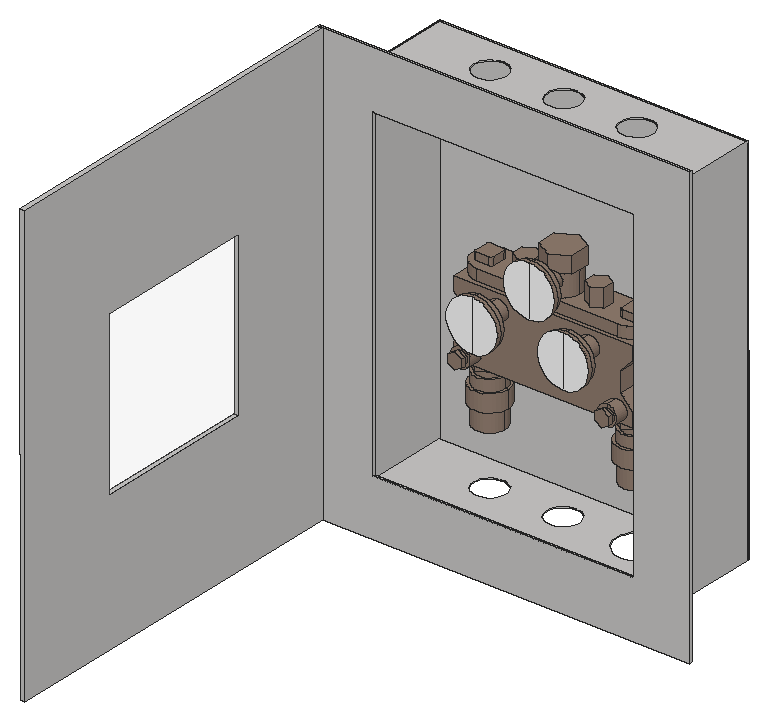
Revit family "Emergency_Valve-Tepid-SV160", category Pipe Accessories, Revit 2016
Family settings
  Part Type = Valve - Breaks Into
  Round Connector Dimension = Use Radius
  OmniClass Number = 23.65.55.14.17
  OmniClass Title = Adjusting/Controlling Valves for Liquid Services
  Work Plane-Based = No
  Always vertical = Yes
  Cut with Voids When Loaded = No
  Shared = No
Parameters (values of type "PIPED VALVE-BOT, ROUGH BRASS, REC CAB SS - CABINET RECESSED - STAINLESS STEEL")
  Version = "2016-v1.0a"  # constant formula
  Valve Material = Metal - Stingray - Rough Bronze
  URL = "https://www.tepid.com"
  Temp. Range = "70°F-90°F"  # constant formula
  TC = no
  RO [instance] = if(and(Cabinet Recessed, Open), 1 = 1, 1 = 0)  # yes
  RC [instance] = if(and(Cabinet Recessed, not(Open)), 1 = 1, 1 = 0)  # no
  Product Page URL = "https://www.tepid.com/products/sv160rb/?k"
  Product Name = "ThermostaticMixing Valve"
  Product Documentation Link = "https://www.tepid.com/wp-content/uploads/SpSh-SV160.pdf"
  Option = 3
  Open [instance] = yes
  Nominal Radius = 5/8"  # constant formula
  Nominal Diameter = Nominal Radius * 2  # 1 1/4"
  Model = "SV-160 PIPED VALVE-BOT, ROUGH BRASS, REC CAB SS - CABINET RECESSED - STAINLESS STEEL"
  Manufacturer = "Stingray Systems"  # constant formula
  K Coefficient = 3.5
  Flow Maximum = 72 GPM  # constant formula
  Flow = 4 GPM  # constant formula
  EO [instance] = if(and(Cabinet Exposed, Open), 1 = 1, 1 = 0)  # no
  EC [instance] = if(and(Cabinet Exposed, not(Open)), 1 = 1, 1 = 0)  # no
  Dimension Disclaimer = "Dimensions are ±0.50”. Design and specifications are subject to change without notice."  # constant formula
  Description = "Emergency Mixing Valve"
  Cabinet Recessed = if(Option = 1, 1 = 0, if(Option = 2, 1 = 0, if(Option = 3, 1 = 1, 1 = 0)))  # yes
  Cabinet Material = Metal - Stingray - Stainless Steel SS
  Cabinet Exposed = if(Option = 1, 1 = 0, if(Option = 2, 1 = 1, if(Option = 3, 1 = 0, 1 = 0)))  # no
  CC = if(or(Cabinet Exposed, Cabinet Recessed), 1 = 1, 1 = 0)  # yes
  C Length = if(TC, 1' 3 7/16", 0' 3 3/32")  # 0' - 3 3/32"
  Body Length = 0' - 11"
  BC = yes
Types (20): name | Valve Material | TC | RO | Option | Model | EO | Cabinet Recessed | Cabinet Material | Cabinet Exposed | CC | C Length | BC
  PIPED VALVE-TOP, ROUGH BRASS | Metal - Stingray - Rough Bronze | yes | no | 1 | "SV-160 PIPED VALVE-TOP, ROUGH BRASS" | no | no | Paint - Stingray - Baked White Enamel | no | no | 1' - 3 7/16" | no
  PIPED VALVE-TOP, CHROME PLATED | Metal - Stingray - Chrome Plated | yes | no | 1 | "SV-160 PIPED VALVE-TOP, CHROME PLATED" | no | no | Paint - Stingray - Baked White Enamel | no | no | 1' - 3 7/16" | no
  PIPED VALVE-BOT, ROUGH BRASS | Metal - Stingray - Rough Bronze | no | no | 1 | "SV-160 PIPED VALVE-BOT, ROUGH BRASS" | no | no | Paint - Stingray - Baked White Enamel | no | no | 0' - 3 3/32" | yes
  PIPED VALVE-BOT, CHROME PLATED | Metal - Stingray - Chrome Plated | no | no | 1 | "SV-160 PIPED VALVE-BOT, CHROME PLATED" | no | no | Paint - Stingray - Baked White Enamel | no | no | 0' - 3 3/32" | yes
  PIPED VALVE-TOP, ROUGH BRASS, EXP CAB BWE - CABINET EXPOSED - BAKED WHITE ENAMEL | Metal - Stingray - Rough Bronze | yes | no | 2 | "SV-160 PIPED VALVE-TOP, ROUGH BRASS, EXP CAB BWE - CABINET EXPOSED - BAKED WHITE ENAMEL" | yes | no | Paint - Stingray - Baked White Enamel | yes | yes | 1' - 3 7/16" | no
  PIPED VALVE-TOP, CHROME PLATED, EXP CAB BWE - CABINET EXPOSED - BAKED WHITE ENAMEL | Metal - Stingray - Chrome Plated | yes | no | 2 | "SV-160 PIPED VALVE-TOP, CHROME PLATED, EXP CAB BWE - CABINET EXPOSED - BAKED WHITE ENAMEL" | yes | no | Paint - Stingray - Baked White Enamel | yes | yes | 1' - 3 7/16" | no
  PIPED VALVE-BOT, ROUGH BRASS, EXP CAB BWE - CABINET EXPOSED - BAKED WHITE ENAMEL | Metal - Stingray - Rough Bronze | no | no | 2 | "SV-160 PIPED VALVE-BOT, ROUGH BRASS, EXP CAB BWE - CABINET EXPOSED - BAKED WHITE ENAMEL" | yes | no | Paint - Stingray - Baked White Enamel | yes | yes | 0' - 3 3/32" | yes
  PIPED VALVE-BOT, CHROME PLATED, EXP CAB BWE - CABINET EXPOSED - BAKED WHITE ENAMEL | Metal - Stingray - Chrome Plated | no | no | 2 | "SV-160 PIPED VALVE-BOT, CHROME PLATED, EXP CAB BWE - CABINET EXPOSED - BAKED WHITE ENAMEL" | yes | no | Paint - Stingray - Baked White Enamel | yes | yes | 0' - 3 3/32" | yes
  PIPED VALVE-TOP, ROUGH BRASS, EXP CAB SS - CABINET EXPOSED - STAINLESS STEEL | Metal - Stingray - Rough Bronze | yes | no | 2 | "SV-160 PIPED VALVE-TOP, ROUGH BRASS, EXP CAB SS - CABINET EXPOSED - STAINLESS STEEL" | yes | no | Metal - Stingray - Stainless Steel SS | yes | yes | 1' - 3 7/16" | no
  PIPED VALVE-TOP, CHROME PLATED, EXP CAB SS - CABINET EXPOSED - STAINLESS STEEL | Metal - Stingray - Chrome Plated | yes | no | 2 | "SV-160 PIPED VALVE-TOP, CHROME PLATED, EXP CAB SS - CABINET EXPOSED - STAINLESS STEEL" | yes | no | Metal - Stingray - Stainless Steel SS | yes | yes | 1' - 3 7/16" | no
  PIPED VALVE-BOT, ROUGH BRASS, EXP CAB SS - CABINET EXPOSED - STAINLESS STEEL | Metal - Stingray - Rough Bronze | no | no | 2 | "SV-160 PIPED VALVE-BOT, ROUGH BRASS, EXP CAB SS - CABINET EXPOSED - STAINLESS STEEL" | yes | no | Metal - Stingray - Stainless Steel SS | yes | yes | 0' - 3 3/32" | yes
  PIPED VALVE-BOT, CHROME PLATED, EXP CAB SS - CABINET EXPOSED - STAINLESS STEEL | Metal - Stingray - Chrome Plated | no | no | 2 | "SV-160 PIPED VALVE-BOT, CHROME PLATED, EXP CAB SS - CABINET EXPOSED - STAINLESS STEEL" | yes | no | Metal - Stingray - Stainless Steel SS | yes | yes | 0' - 3 3/32" | yes
  PIPED VALVE-TOP, ROUGH BRASS, REC CAB BWE - CABINET RECESSED - BAKED WHITE ENAMEL | Metal - Stingray - Rough Bronze | yes | yes | 3 | "SV-160 PIPED VALVE-TOP, ROUGH BRASS, REC CAB BWE - CABINET RECESSED - BAKED WHITE ENAMEL" | no | yes | Paint - Stingray - Baked White Enamel | no | yes | 1' - 3 7/16" | no
  PIPED VALVE-TOP, CHROME PLATED, REC CAB BWE - CABINET RECESSED - BAKED WHITE ENAMEL | Metal - Stingray - Chrome Plated | yes | yes | 3 | "SV-160 PIPED VALVE-TOP, CHROME PLATED, REC CAB BWE - CABINET RECESSED - BAKED WHITE ENAMEL" | no | yes | Paint - Stingray - Baked White Enamel | no | yes | 1' - 3 7/16" | no
  PIPED VALVE-BOT, ROUGH BRASS, REC CAB BWE - CABINET RECESSED - BAKED WHITE ENAMEL | Metal - Stingray - Rough Bronze | no | yes | 3 | "SV-160 PIPED VALVE-BOT, ROUGH BRASS, REC CAB BWE - CABINET RECESSED - BAKED WHITE ENAMEL" | no | yes | Paint - Stingray - Baked White Enamel | no | yes | 0' - 3 3/32" | yes
  PIPED VALVE-BOT, CHROME PLATED, REC CAB BWE - CABINET RECESSED - BAKED WHITE ENAMEL | Metal - Stingray - Chrome Plated | no | yes | 3 | "SV-160 PIPED VALVE-BOT, CHROME PLATED, REC CAB BWE - CABINET RECESSED - BAKED WHITE ENAMEL" | no | yes | Paint - Stingray - Baked White Enamel | no | yes | 0' - 3 3/32" | yes
  PIPED VALVE-TOP, ROUGH BRASS, REC CAB SS - CABINET RECESSED - STAINLESS STEEL | Metal - Stingray - Rough Bronze | yes | yes | 3 | "SV-160 PIPED VALVE-TOP, ROUGH BRASS, REC CAB SS - CABINET RECESSED - STAINLESS STEEL" | no | yes | Metal - Stingray - Stainless Steel SS | no | yes | 1' - 3 7/16" | no
  PIPED VALVE-TOP, CHROME PLATED, REC CAB SS - CABINET RECESSED - STAINLESS STEEL | Metal - Stingray - Chrome Plated | yes | yes | 3 | "SV-160 PIPED VALVE-TOP, CHROME PLATED, REC CAB SS - CABINET RECESSED - STAINLESS STEEL" | no | yes | Metal - Stingray - Stainless Steel SS | no | yes | 1' - 3 7/16" | no
  PIPED VALVE-BOT, ROUGH BRASS, REC CAB SS - CABINET RECESSED - STAINLESS STEEL | Metal - Stingray - Rough Bronze | no | yes | 3 | "SV-160 PIPED VALVE-BOT, ROUGH BRASS, REC CAB SS - CABINET RECESSED - STAINLESS STEEL" | no | yes | Metal - Stingray - Stainless Steel SS | no | yes | 0' - 3 3/32" | yes
  PIPED VALVE-BOT, CHROME PLATED, REC CAB SS - CABINET RECESSED - STAINLESS STEEL | Metal - Stingray - Chrome Plated | no | yes | 3 | "SV-160 PIPED VALVE-BOT, CHROME PLATED, REC CAB SS - CABINET RECESSED - STAINLESS STEEL" | no | yes | Metal - Stingray - Stainless Steel SS | no | yes | 0' - 3 3/32" | yes
Reference planes (in)
  plane 1 "Center (Front/Back)": y = 0
  plane 2: z = 0
  plane 3 "Center (Left/Right)": x = 0
  plane 4: x = -5.5
  plane 5: x = 5.5
  plane 6: z = 11.151
  plane 7: x = -4.50039
  plane 8: x = 4.49961
  plane 9: z = 3.41
  plane 10: z = 9.91
  plane 11: z = 6.81625
  plane 12: z = -5.849
Forms (in)
  Revolve 1, solid, material "Metal - Stingray - Rough Bronze" <- "Valve Material", visible <- "TC", detail levels fine
    sketch origin (0, 0, 0) x (1, 0, 0) y (0, 0, 1)
      loop
        line (-4.50039, 9.5891) -> (-5.45037, 9.5891) -> (-5.45037, 8.3542) -> (-5.66442, 8.3542) -> (-5.66442, 7.3091) -> (-5.47561, 7.3091) -> (-5.47561, 6.6341) -> (-5.28855, 6.6341) -> (-5.28855, 6.0641) -> (-4.50039, 6.0641) -> (-4.50039, 9.5891)
      axis (-4.50039, 6.0641) -> (-4.50039, 9.5891)
    angle from 0 to 360
  Extrusion 2, solid, material "Metal - Stingray - Rough Bronze" <- "Valve Material", detail levels fine
    sketch origin (0, 0, 0) x (1, 0, 0) y (0, 0, 1)
      loop
        line (4.42461, 3.7341) -> (5.29922, 3.7341)
        arc (5.29922, 3.7341) -> (5.44119, 3.79291) -> (5.5, 3.93488) r 0.20078
        line (5.5, 3.93488) -> (5.5, 4.83488) -> (4.42461, 3.7341)
      loop
        line (5.29922, 3.1341) -> (4.42461, 3.1341) -> (5.5, 2.03332) -> (5.5, 2.93332)
        arc (5.5, 2.93332) -> (5.44119, 3.07529) -> (5.29922, 3.1341) r 0.20078
    from -0.125 to 0.125
  Extrusion 3, solid, material "Metal - Stingray - Rough Bronze" <- "Valve Material", detail levels fine
    sketch origin (0.30961, 0, 6.33449) x (0, 0, 1) y (-1, 0, 0)
      loop
        line (-4.24636, 5.25) -> (-4.75442, 5.25) -> (-5.00846, 4.81) -> (-4.75442, 4.37) -> (-4.24636, 4.37) -> (-3.99232, 4.81) -> (-4.24636, 5.25)
    from 2.44225 to 2.65987
  Revolve 4, solid, material "Metal - Stingray - Rough Bronze" <- "Valve Material", detail levels fine
    sketch origin (-0.00315, -0.2525, -1.29075) x (0, 1, 0) y (0, 0, 1)
      loop
        line (-2.35, 8.51546) -> (-0.49729, 8.51546) -> (-0.49729, 9.12389) -> (-1.24729, 9.12389) -> (-1.24729, 8.93656) -> (-1.50987, 8.93656) -> (-1.50987, 9.03146) -> (-1.76, 9.03146) -> (-1.76, 9.9803) -> (-2.13, 9.9803) -> (-2.13, 10.09003) -> (-2.35, 10.09003) -> (-2.35, 8.51546)
      axis (-0.49729, 8.51546) -> (-2.35, 8.51546)
    angle from 0 to 360
  Extrusion 5, solid, material "Metal - Stingray - Rough Bronze" <- "Valve Material", detail levels fine
    sketch origin (9.30961, 0, 6.33449) x (0, 0, 1) y (-1, 0, 0)
      loop
        line (-4.24636, 5.25) -> (-4.75442, 5.25) -> (-5.00846, 4.81) -> (-4.75442, 4.37) -> (-4.24636, 4.37) -> (-3.99232, 4.81) -> (-4.24636, 5.25)
    from 2.44225 to 2.65987
  Revolve 6, solid, material "Metal - Stingray - Rough Bronze" <- "Valve Material", detail levels fine
    sketch origin (-2.80031, -1.15, -3.77593) x (0, 1, 0) y (0, 0, 1)
      loop
        line (-2.35, 8.51546) -> (-0.0646, 8.51546) -> (-0.0646, 9.12389) -> (-1.24729, 9.12389) -> (-1.24729, 8.93656) -> (-1.50987, 8.93656) -> (-1.50987, 9.03146) -> (-1.76, 9.03146) -> (-1.76, 9.9803) -> (-2.13, 9.9803) -> (-2.13, 10.09003) -> (-2.35, 10.09003) -> (-2.35, 8.51546)
      axis (-0.0646, 8.51546) -> (-2.35, 8.51546)
    angle from 0 to 360
  Revolve 7, solid, material "Metal - Stingray - Rough Bronze" <- "Valve Material", detail levels fine
    sketch origin (2.80087, -1.15, -3.77593) x (0, 1, 0) y (0, 0, 1)
      loop
        line (-2.35, 8.51546) -> (-0.0646, 8.51546) -> (-0.0646, 9.12389) -> (-1.24729, 9.12389) -> (-1.24729, 8.93656) -> (-1.50987, 8.93656) -> (-1.50987, 9.03146) -> (-1.76, 9.03146) -> (-1.76, 9.9803) -> (-2.13, 9.9803) -> (-2.13, 10.09003) -> (-2.35, 10.09003) -> (-2.35, 8.51546)
      axis (-0.0646, 8.51546) -> (-2.35, 8.51546)
    angle from 0 to 360
  Revolve 8, solid, material "Metal - Stingray - Rough Bronze" <- "Valve Material", visible <- "TC", detail levels fine
    sketch origin (0, 0, 0) x (-1, 0, 0) y (0, 0, 1)
      loop
        line (-4.50039, 9.5891) -> (-5.45037, 9.5891) -> (-5.45037, 8.3542) -> (-5.66442, 8.3542) -> (-5.66442, 7.3091) -> (-5.47561, 7.3091) -> (-5.47561, 6.6341) -> (-5.28855, 6.6341) -> (-5.28855, 6.0641) -> (-4.50039, 6.0641) -> (-4.50039, 9.5891)
      axis (-4.50039, 6.0641) -> (-4.50039, 9.5891)
    angle from 0 to 360
  Extrusion 9, solid, material "Metal - Stingray - Rough Bronze" <- "Valve Material", visible <- "TC"
    sketch origin (0, 0, 0) x (1, 0, 0) y (0, 1, 0)
      loop
        line (-4.08839, 0.562) -> (-4.887, 0.562)
        arc (-4.887, 0.562) -> (-4.99307, 0.51807) -> (-5.037, 0.412) r 0.15
        line (-5.037, 0.412) -> (-5.037, -0.412)
        arc (-5.037, -0.412) -> (-4.99307, -0.51807) -> (-4.887, -0.562) r 0.15
        line (-4.887, -0.562) -> (-4.08839, -0.562)
        arc (-4.08839, -0.562) -> (-3.98232, -0.51807) -> (-3.93839, -0.412) r 0.15
        line (-3.93839, -0.412) -> (-3.93839, 0.412)
        arc (-3.93839, 0.412) -> (-3.98232, 0.51807) -> (-4.08839, 0.562) r 0.15
      loop
        line (4.91161, 0.562) -> (4.08761, 0.562)
        arc (4.08761, 0.562) -> (3.98154, 0.51807) -> (3.93761, 0.412) r 0.15
        line (3.93761, 0.412) -> (3.93761, -0.412)
        arc (3.93761, -0.412) -> (3.98154, -0.51807) -> (4.08761, -0.562) r 0.15
        line (4.08761, -0.562) -> (4.91161, -0.562)
        arc (4.91161, -0.562) -> (5.01768, -0.51807) -> (5.06161, -0.412) r 0.15
        line (5.06161, -0.412) -> (5.06161, 0.412)
        arc (5.06161, 0.412) -> (5.01768, 0.51807) -> (4.91161, 0.562) r 0.15
    from 0 to 0.7341
  Extrusion 10, solid, material "Metal - Stingray - Rough Bronze" <- "Valve Material", detail levels fine
    sketch origin (0, 0, 0) x (-1, 0, 0) y (0, 0, -1)
      loop
        line (4.42461, -3.7341) -> (5.5, -4.83488) -> (5.5, -3.93488)
        arc (5.5, -3.93488) -> (5.44119, -3.79291) -> (5.29922, -3.7341) r 0.20078
        line (5.29922, -3.7341) -> (4.42461, -3.7341)
      loop
        arc (5.29922, -3.1341) -> (5.44119, -3.07529) -> (5.5, -2.93332) r 0.20078
        line (5.5, -2.93332) -> (5.5, -2.03332) -> (4.42461, -3.1341) -> (5.29922, -3.1341)
    from -0.125 to 0.125
  Extrusion 11, solid, material "Metal - Stingray - Rough Bronze" <- "Valve Material"
    sketch origin (0, 0, 0) x (1, 0, 0) y (0, 0, 1)
      loop
        line (5.5, 5.64045) -> (-5.5, 5.64045) -> (-5.5, 4.83488) -> (-4.72539, 4.03488) -> (-4.72539, 2.83332) -> (-5.5, 2.03332) -> (-5.5, 1.1341) -> (5.5, 1.1341) -> (5.5, 2.03332) -> (4.72539, 2.83332) -> (4.72539, 4.03488) -> (5.5, 4.83488) -> (5.5, 5.64045)
    from -1.5 to 1.49979
  Extrusion 12, solid, material "Metal - Stingray - Rough Bronze" <- "Valve Material"
    sketch origin (0, 0, 0) x (1, 0, 0) y (0, 1, 0)
      loop
        line (-2.80039, 0.34641) -> (-2.80039, -0.34641) -> (-2.20039, -0.69282) -> (-1.60039, -0.34641) -> (-1.60039, 0.34641) -> (-2.20039, 0.69282) -> (-2.80039, 0.34641)
      loop
        line (2.80039, 0.34641) -> (2.20039, 0.69282) -> (1.60039, 0.34641) -> (1.60039, -0.34641) -> (2.20039, -0.69282) -> (2.80039, -0.34641) -> (2.80039, 0.34641)
    from 6.0641 to 7.3751
  Extrusion 13, solid, material "Metal - Stingray - Rough Bronze" <- "Valve Material"
    sketch origin (0, 0, 0) x (1, 0, 0) y (0, 1, 0)
      loop
        arc (-4.32445, 1.2) -> (-5.52445, 0) -> (-4.32445, -1.2) r 1.2
        line (-4.32445, -1.2) -> (4.32794, -1.2)
        arc (4.32794, -1.2) -> (5.52794, 0) -> (4.32794, 1.2) r 1.2
        line (4.32794, 1.2) -> (-4.32445, 1.2)
    from 5.6341 to 6.3141
  Extrusion 14, solid, material "Metal - Stingray - Rough Bronze" <- "Valve Material"
    sketch origin (0, 0, 0) x (1, 0, 0) y (0, 1, 0)
      loop
        line (-0.00039, 1.18357) -> (-1.02539, 0.59178) -> (-1.02539, -0.59178) -> (-0.00039, -1.18357) -> (1.02461, -0.59178) -> (1.02461, 0.59178) -> (-0.00039, 1.18357)
    from 7.62522 to 8.6491
  Extrusion 15, solid, material "Metal - Stingray - Rough Bronze" <- "Valve Material"
    sketch origin (0, 0, 0) x (1, 0, 0) y (0, 1, 0)
      loop
        circle (0, 0) r 1.02756
    from 6.1341 to 7.6341
  Revolve 16, solid, material "Metal - Stingray - Rough Bronze" <- "Valve Material"
    sketch origin (4.5, 0, 0) x (0, 1, 0) y (0, 0, 1)
      loop
        line (-2.25, 2.2471) -> (-2.44225, 2.2471) -> (-2.44225, 1.8341) -> (-1.3, 1.8341) -> (-1.3, 2.43434) -> (-2.25, 2.43434) -> (-2.25, 2.2471)
      axis (-1.3, 1.8341) -> (-2.44225, 1.8341)
    angle from 0 to 360
  Revolve 17, solid, material "Metal - Stingray - Rough Bronze" <- "Valve Material"
    sketch origin (-4.5, 0, 0) x (0, 1, 0) y (0, 0, 1)
      loop
        line (-2.25, 2.2471) -> (-2.44225, 2.2471) -> (-2.44225, 1.8341) -> (-1.3, 1.8341) -> (-1.3, 2.43434) -> (-2.25, 2.43434) -> (-2.25, 2.2471)
      axis (-1.3, 1.8341) -> (-2.44225, 1.8341)
    angle from 0 to 360
  Extrusion 18, solid, material "Metal - Stingray - Rough Bronze" <- "Valve Material"
    sketch origin (0, 0, 0) x (1, 0, 0) y (0, 1, 0)
      loop
        line (4.48976, 1.18374) -> (3.47869, 0.6) -> (-3.47947, 0.6) -> (-4.49054, 1.18374) -> (-5.5, 0.58627) -> (-5.5, -0.58627) -> (-4.49054, -1.18374) -> (-3.47947, -0.6) -> (3.47869, -0.6) -> (4.48976, -1.18374) -> (5.5, -0.58582) -> (5.5, 0.58582) -> (4.48976, 1.18374)
    from 0.6341 to 1.1341
  Extrusion 19, solid, material "Metal - Stingray - Stainless Steel SS" <- "Cabinet Material", visible <- "CC"
    sketch origin (0, 0, 0) x (1, 0, 0) y (0, 0, 1)
      loop
        line (-9.475, 16.6175) -> (-9.475, -6.3825) -> (9.47422, -6.3825) -> (9.47422, 16.6175) -> (-9.475, 16.6175)
      loop
        line (-9.425, -6.3325) -> (9.42422, -6.3325) -> (9.42422, 16.5675) -> (-9.425, 16.5675) -> (-9.425, -6.3325)
    from -2.36 to 4.39
  Extrusion 20, solid, material "Metal - Stingray - Stainless Steel SS" <- "Cabinet Material", visible <- "CC"
    sketch origin (0, 0, 0) x (1, 0, 0) y (0, 0, 1)
      loop
        line (-9.475, 16.6175) -> (-9.475, -6.3825) -> (9.47422, -6.3825) -> (9.47422, 16.6175) -> (-9.475, 16.6175)
    from -2.36 to -2.31
  Extrusion 21, solid, material "Metal - Stingray - Stainless Steel SS" <- "Cabinet Material", visible <- "RC"
    sketch origin (0, 0, 0) x (1, 0, 0) y (0, 0, 1)
      loop
        line (-11.4125, 18.6175) -> (-11.4125, -8.3825) -> (11.41172, -8.3825) -> (11.41172, 18.6175) -> (-11.4125, 18.6175)
      loop
        line (-5.00039, 10.1175) -> (-5.00039, 0.1175) -> (4.99961, 0.1175) -> (4.99961, 10.1175) -> (-5.00039, 10.1175)
    from 4.39 to 4.67
  Extrusion 22, solid, material "Glass - Stingray - Clear", visible <- "RC"
    sketch origin (0, 0, 0) x (1, 0, 0) y (0, 0, 1)
      loop
        line (-5.00039, 10.1175) -> (-5.00039, 0.1175) -> (4.99961, 0.1175) -> (4.99961, 10.1175) -> (-5.00039, 10.1175)
    from 4.39 to 4.67
  Extrusion 23, void
    sketch origin (0, 0, 0) x (1, 0, 0) y (0, 1, 0)
      loop
        circle (0, 0.04904) r 1
      loop
        circle (4.49961, 0.04904) r 1
      loop
        circle (-4.50039, 0.04904) r 1
    from 16.0298 to 20.52389
  Extrusion 24, void
    sketch origin (0, 0, 0) x (1, 0, 0) y (0, 1, 0)
      loop
        circle (4.7504, 0.05299) r 1.5
      loop
        circle (0, 0) r 1
      loop
        circle (-4.50039, 0) r 1
    from -12.7248 to -4.49076
  Extrusion 25, solid, material "Metal - Stingray - Stainless Steel SS" <- "Cabinet Material", visible <- "Cabinet Exposed"
    sketch origin (0, 0, 0) x (1, 0, 0) y (0, 0, 1)
      loop
        line (-9.475, 16.6175) -> (-9.475, -6.3825) -> (9.47422, -6.3825) -> (9.47422, 16.6175) -> (-9.475, 16.6175)
      loop
        line (7.97422, -4.8825) -> (7.97422, 15.1175) -> (-8.02578, 15.1175) -> (-8.02578, -4.8825) -> (7.97422, -4.8825)
    from 4.3075 to 4.39
  Extrusion 26, solid, material "Metal - Stingray - Stainless Steel SS" <- "Cabinet Material", visible <- "EC"
    sketch origin (0, 0, 0) x (1, 0, 0) y (0, 0, 1)
      loop
        line (-8.02578, 14.9975) -> (-8.02578, -4.7625) -> (7.85422, -4.7625) -> (7.85422, 14.9975) -> (-8.02578, 14.9975)
      loop
        line (-5.02578, 11.3675) -> (-5.02578, 1.3675) -> (4.97422, 1.3675) -> (4.97422, 11.3675) -> (-5.02578, 11.3675)
    from 3.89 to 4.39
  Extrusion 27, solid, material "Glass - Stingray - Clear", visible <- "EC"
    sketch origin (0, 0, 0) x (1, 0, 0) y (0, 0, 1)
      loop
        line (-5.02578, 11.3675) -> (-5.02578, 1.3675) -> (4.97422, 1.3675) -> (4.97422, 11.3675) -> (-5.02578, 11.3675)
    from 3.89 to 4.39
  Extrusion 28, solid, material "Metal - Stingray - Stainless Steel SS" <- "Cabinet Material", visible <- "EC"
    sketch origin (0, 0, 0) x (1, 0, 0) y (0, 0, 1)
      loop
        circle (6.72422, 5.1175) r 0.54782
    from 4.39 to 4.615
  Revolve 29, solid, material "Metal - Stingray - Rough Bronze" <- "Valve Material", visible <- "BC", detail levels fine
    sketch origin (0, 0, 6.82) x (1, 0, 0) y (0, 0, -1)
      loop
        line (-4.50039, 9.5891) -> (-5.45037, 9.5891) -> (-5.45037, 8.3542) -> (-5.66442, 8.3542) -> (-5.66442, 7.3091) -> (-5.47561, 7.3091) -> (-5.47561, 6.6341) -> (-5.28855, 6.6341) -> (-5.28855, 6.0641) -> (-4.50039, 6.0641) -> (-4.50039, 9.5891)
      axis (-4.50039, 6.0641) -> (-4.50039, 9.5891)
    angle from 0 to 360
  Revolve 30, solid, material "Metal - Stingray - Rough Bronze" <- "Valve Material", visible <- "BC", detail levels fine
    sketch origin (0, 0, 6.82) x (-1, 0, 0) y (0, 0, -1)
      loop
        line (-4.50039, 9.5891) -> (-5.45037, 9.5891) -> (-5.45037, 8.3542) -> (-5.66442, 8.3542) -> (-5.66442, 7.3091) -> (-5.47561, 7.3091) -> (-5.47561, 6.6341) -> (-5.28855, 6.6341) -> (-5.28855, 6.0641) -> (-4.50039, 6.0641) -> (-4.50039, 9.5891)
      axis (-4.50039, 6.0641) -> (-4.50039, 9.5891)
    angle from 0 to 360
  Extrusion 31, solid, material "Metal - Stingray - Rough Bronze" <- "Valve Material", visible <- "BC"
    sketch origin (0, 0, 6.82) x (0, -1, 0) y (1, 0, 0)
      loop
        line (-0.562, -4.08839) -> (-0.562, -4.887)
        arc (-0.562, -4.887) -> (-0.51807, -4.99307) -> (-0.412, -5.037) r 0.15
        line (-0.412, -5.037) -> (0.412, -5.037)
        arc (0.412, -5.037) -> (0.51807, -4.99307) -> (0.562, -4.887) r 0.15
        line (0.562, -4.887) -> (0.562, -4.08839)
        arc (0.562, -4.08839) -> (0.51807, -3.98232) -> (0.412, -3.93839) r 0.15
        line (0.412, -3.93839) -> (-0.412, -3.93839)
        arc (-0.412, -3.93839) -> (-0.51807, -3.98232) -> (-0.562, -4.08839) r 0.15
      loop
        line (-0.562, 4.91161) -> (-0.562, 4.08761)
        arc (-0.562, 4.08761) -> (-0.51807, 3.98154) -> (-0.412, 3.93761) r 0.15
        line (-0.412, 3.93761) -> (0.412, 3.93761)
        arc (0.412, 3.93761) -> (0.51807, 3.98154) -> (0.562, 4.08761) r 0.15
        line (0.562, 4.08761) -> (0.562, 4.91161)
        arc (0.562, 4.91161) -> (0.51807, 5.01768) -> (0.412, 5.06161) r 0.15
        line (0.412, 5.06161) -> (-0.412, 5.06161)
        arc (-0.412, 5.06161) -> (-0.51807, 5.01768) -> (-0.562, 4.91161) r 0.15
    from -0.6859 to -0.07089
  Extrusion 32, solid, material "Metal - Stingray - Stainless Steel SS" <- "Cabinet Material", visible <- "RO"
    sketch origin (-6.7425, -15.9425, 0) x (0, -1, 0) y (0, 0, 1)
      loop
        line (-11.4125, 18.6175) -> (-11.4125, -8.3825) -> (11.41172, -8.3825) -> (11.41172, 18.6175) -> (-11.4125, 18.6175)
      loop
        line (-5.00039, 10.1175) -> (-5.00039, 0.1175) -> (4.99961, 0.1175) -> (4.99961, 10.1175) -> (-5.00039, 10.1175)
    from 4.39 to 4.67
  Extrusion 33, solid, material "Metal - Stingray - Stainless Steel SS" <- "Cabinet Material", visible <- "RO"
    sketch origin (0, 0, 0) x (1, 0, 0) y (0, 0, 1)
      loop
        line (-11.4125, 18.6175) -> (-11.4125, -8.3825) -> (11.41172, -8.3825) -> (11.41172, 18.6175) -> (-11.4125, 18.6175)
      loop
        line (-8.02578, 15.1175) -> (-8.02578, -4.8825) -> (7.97422, -4.8825) -> (7.97422, 15.1175) -> (-8.02578, 15.1175)
    from 4.39 to 4.53
  Extrusion 34, solid, material "Glass - Stingray - Clear", visible <- "RO"
    sketch origin (-6.7425, -15.9425, 0) x (0, -1, 0) y (0, 0, 1)
      loop
        line (-5.00039, 10.1175) -> (-5.00039, 0.1175) -> (4.99961, 0.1175) -> (4.99961, 10.1175) -> (-5.00039, 10.1175)
    from 4.39 to 4.67
  Extrusion 35, solid, material "Metal - Stingray - Stainless Steel SS" <- "Cabinet Material", visible <- "EO"
    sketch origin (-3.63578, -12.55578, 0) x (0, -1, 0) y (0, 0, 1)
      loop
        line (-8.02578, 14.9975) -> (-8.02578, -4.7625) -> (7.85422, -4.7625) -> (7.85422, 14.9975) -> (-8.02578, 14.9975)
      loop
        line (-5.02578, 11.3675) -> (-5.02578, 1.3675) -> (4.97422, 1.3675) -> (4.97422, 11.3675) -> (-5.02578, 11.3675)
    from 3.89 to 4.39
  Extrusion 36, solid, material "Glass - Stingray - Clear", visible <- "EO"
    sketch origin (-3.63578, -12.55578, 0) x (0, -1, 0) y (0, 0, 1)
      loop
        line (-5.02578, 11.3675) -> (-5.02578, 1.3675) -> (4.97422, 1.3675) -> (4.97422, 11.3675) -> (-5.02578, 11.3675)
    from 3.89 to 4.39
  Extrusion 37, solid, material "Metal - Stingray - Stainless Steel SS" <- "Cabinet Material", visible <- "EO"
    sketch origin (-3.63578, -12.55593, 0) x (0, -1, 0) y (0, 0, 1)
      loop
        circle (6.72422, 5.1175) r 0.54782
    from 4.39 to 4.615
Cuts and joins
  Extrusion 23, Extrusion 24 cuts Extrusion 19
Lines and regions (in)
  symbolic lines
    curve 1: line (-4.50039, 1.05, 0) -> (-4.50039, -1.05, 0)
  model lines, detail levels coarse+medium
    curve 2: line (-5.5, 0, 6.81625) -> (0, 0, 3.41)
    curve 3: line (0, 0, 3.41) -> (-5.5, 0, 0)
    curve 4: line (-5.5, 0, 0) -> (-5.5, 0, 6.81625)
    curve 5: line (5.5, 0, 6.81625) -> (0, 0, 3.41)
    curve 6: line (5.5, 0, 0) -> (0, 0, 3.41)
    curve 7: line (5.5, 0, 6.81625) -> (5.5, 0, 0)
  reference lines
    curve 8: line (-4.50039, 0, -2.75525) -> (-4.50039, 0, 3.41)
    curve 9: line (4.49961, 0, -2.75525) -> (4.49961, 0, 3.41)
Dimensions and locks (in)
  equal spacing: plane 5, plane 3 "Center (Left/Right)", plane 4
  "Body Length": plane 5 to plane 4
  locked: level to plane 12 at 5.849
  "C Length": curve 8 to plane 12
  "C Length": curve 9 to plane 12
  aligned and locked: Revolve 1 sketch curve to plane 7
  aligned and locked: Extrusion 19 to Extrusion 21
Automatic sketch dimensions
  curve 2 to plane 4 = 0' - 0"
  curve 2 to plane 3 "Center (Left/Right)" = 0' - 0"
  curve 6 to level = 0' - 0"
  plane 5 to curve 6 = 0' - 0"
  curve 4 to level = 0' - 0"
  curve 6 to plane 9 = 0' - 0"
  curve 4 to plane 11 = 0' - 0"
  curve 5 to plane 11 = 0' - 0"
  plane 7 to Revolve 1 sketch curve = 0' - 0"
  plane 4 to Revolve 1 sketch curve = 0' - 0.21145"
  plane 4 to Revolve 1 sketch curve = 0' - 0.04963"
  plane 4 to Revolve 1 sketch curve = 0' - 0.02439"
  Revolve 1 sketch curve to plane 4 = 0' - 0.16442"
  Revolve 1 sketch curve to plane 11 = 0' - 0.75215"
  Revolve 1 sketch curve to plane 11 = 0' - 0.18215"
  plane 11 to Revolve 1 sketch curve = 0' - 0.49285"
  Revolve 1 sketch curve to Revolve 1 sketch curve = 0' - 1.0451"
  Revolve 1 sketch curve to plane 10 = 0' - 0.3209"
  plane 12 to Revolve 1 sketch curve = 0' - 2.76978"
  plane 6 to Revolve 1 sketch curve = 0' - 6.09121"
  plane 5 to Extrusion 2 sketch curve = 0' - 0"  (x2)
  plane 5 to Extrusion 2 sketch curve = 0' - 0.20078"
  Extrusion 2 sketch curve to Extrusion 2 sketch curve = 0' - 0.20078"
  Extrusion 2 sketch curve to plane 8 = 0' - 0.075"  (x2)
  Extrusion 2 sketch curve to plane 9 = 0' - 1.37668"
  Extrusion 2 sketch curve to plane 9 = 0' - 0.47668"
  plane 9 to Extrusion 2 sketch curve = 0' - 0.3241"
  Extrusion 2 sketch curve to Extrusion 2 sketch curve = 0' - 0.9"
  plane 7 to Extrusion 3 sketch curve = 0' - 0"  (x2)
  level to Extrusion 3 sketch curve = 0' - 1.32603"
  Extrusion 3 sketch curve to plane 7 = 0' - 0.44"
  Extrusion 3 sketch curve to Extrusion 3 sketch curve = 0' - 0.25403"  (x3)
  plane 7 to Extrusion 3 sketch curve = 0' - 0.44"
  Extrusion 3 sketch curve to Extrusion 3 sketch curve = 0' - 0.50807"  (x2)
  Revolve 4 sketch curve to plane 10 = 0' - 1.11072"
  plane 1 "Center (Front/Back)" to Revolve 4 sketch curve = 0' - 2.6025"
  Revolve 4 sketch curve to Revolve 4 sketch curve = 0' - 0.22"
  Revolve 4 sketch curve to Revolve 4 sketch curve = 0' - 0.59"
  Revolve 4 sketch curve to Revolve 4 sketch curve = 0' - 0.25013"
  Revolve 4 sketch curve to Revolve 4 sketch curve = 0' - 0.26258"
  plane 1 "Center (Front/Back)" to Revolve 4 sketch curve = 0' - 0.74979"
  Revolve 4 sketch curve to Revolve 4 sketch curve = 0' - 0.10973"
  Revolve 4 sketch curve to Revolve 4 sketch curve = 0' - 0.85641"
  Revolve 4 sketch curve to Revolve 4 sketch curve = 0' - 0.09242"
  Revolve 4 sketch curve to Revolve 4 sketch curve = 0' - 0.0949"
  plane 11 to Revolve 4 sketch curve = 0' - 0.40846"
  Revolve 4 sketch curve to Revolve 4 sketch curve = 0' - 0.40768"
  Revolve 4 sketch curve to Revolve 4 sketch curve = 0' - 0.19138"
  Revolve 4 sketch curve to Revolve 4 sketch curve = 0' - 0"
  Extrusion 5 sketch curve to plane 8 = 0' - 0"  (x2)
  level to Extrusion 5 sketch curve = 0' - 1.32603"
  plane 8 to Extrusion 5 sketch curve = 0' - 0.44"
  Extrusion 5 sketch curve to Extrusion 5 sketch curve = 0' - 0.25403"  (x3)
  Extrusion 5 sketch curve to plane 8 = 0' - 0.44"
  Extrusion 5 sketch curve to Extrusion 5 sketch curve = 0' - 0.50807"  (x2)
  Revolve 6 sketch curve to plane 11 = 0' - 0.50215"
  plane 1 "Center (Front/Back)" to Revolve 6 sketch curve = 0' - 3 1/2"
  Revolve 6 sketch curve to Revolve 6 sketch curve = 0' - 0.22"
  Revolve 6 sketch curve to Revolve 6 sketch curve = 0' - 0.59"
  Revolve 6 sketch curve to Revolve 6 sketch curve = 0' - 0.25013"
  Revolve 6 sketch curve to Revolve 6 sketch curve = 0' - 0.26258"
  Revolve 6 sketch curve to Revolve 6 sketch curve = 0' - 1.18269"
  Revolve 6 sketch curve to Revolve 6 sketch curve = 0' - 0.10973"
  Revolve 6 sketch curve to Revolve 6 sketch curve = 0' - 0.85641"
  Revolve 6 sketch curve to Revolve 6 sketch curve = 0' - 0.09242"
  Revolve 6 sketch curve to Revolve 6 sketch curve = 0' - 0.0949"
  Revolve 6 sketch curve to Revolve 6 sketch curve = 0' - 0.60843"
  Revolve 6 sketch curve to Revolve 6 sketch curve = 0' - 0.40768"
  Revolve 6 sketch curve to Revolve 6 sketch curve = 0' - 0.24131"
  Revolve 6 sketch curve to Revolve 6 sketch curve = 0' - 0"
  Revolve 7 sketch curve to plane 11 = 0' - 0.50215"
  plane 1 "Center (Front/Back)" to Revolve 7 sketch curve = 0' - 3 1/2"
  Revolve 7 sketch curve to Revolve 7 sketch curve = 0' - 0.22"
  Revolve 7 sketch curve to Revolve 7 sketch curve = 0' - 0.59"
  Revolve 7 sketch curve to Revolve 7 sketch curve = 0' - 0.25013"
  Revolve 7 sketch curve to Revolve 7 sketch curve = 0' - 0.26258"
  Revolve 7 sketch curve to Revolve 7 sketch curve = 0' - 1.18269"
  Revolve 7 sketch curve to Revolve 7 sketch curve = 0' - 0.10973"
  Revolve 7 sketch curve to Revolve 7 sketch curve = 0' - 0.85641"
  Revolve 7 sketch curve to Revolve 7 sketch curve = 0' - 0.09242"
  Revolve 7 sketch curve to Revolve 7 sketch curve = 0' - 0.0949"
  Revolve 7 sketch curve to Revolve 7 sketch curve = 0' - 0.60843"
  Revolve 7 sketch curve to Revolve 7 sketch curve = 0' - 0.40768"
  Revolve 7 sketch curve to Revolve 7 sketch curve = 0' - 0.24131"
  Revolve 7 sketch curve to Revolve 7 sketch curve = 0' - 0"
  plane 5 to Revolve 8 sketch curve = 0' - 0.16442"
  Revolve 8 sketch curve to plane 5 = 0' - 0.02439"
  Revolve 8 sketch curve to plane 5 = 0' - 0.04963"
  Revolve 8 sketch curve to Revolve 8 sketch curve = 0' - 0.18707"
  Revolve 8 sketch curve to plane 8 = 0' - 0.00078"  (x2)
  plane 11 to Revolve 8 sketch curve = 0' - 0.75215"
  plane 11 to Revolve 8 sketch curve = 0' - 0.18215"
  Revolve 8 sketch curve to plane 11 = 0' - 0.49285"
  Revolve 8 sketch curve to Revolve 8 sketch curve = 0' - 1.0451"
  plane 10 to Revolve 8 sketch curve = 0' - 0.3209"
  Revolve 8 sketch curve to plane 12 = 0' - 2.76978"
  Revolve 8 sketch curve to plane 6 = 0' - 6.09121"
  plane 4 to Extrusion 9 sketch curve = 0' - 0.463"
  Extrusion 9 sketch curve to Extrusion 9 sketch curve = 0' - 0.15"  (x6)
  Extrusion 9 sketch curve to plane 7 = 0' - 0.412"  (x2)
  Extrusion 9 sketch curve to plane 8 = 0' - 0.562"
  plane 8 to Extrusion 9 sketch curve = 0' - 0.412"  (x2)
  plane 1 "Center (Front/Back)" to Extrusion 9 sketch curve = 0' - 0.562"  (x2)
  Extrusion 9 sketch curve to plane 1 "Center (Front/Back)" = 0' - 0.412"  (x2)
  Extrusion 10 sketch curve to plane 4 = 0' - 0"  (x2)
  Extrusion 10 sketch curve to Extrusion 10 sketch curve = 0' - 0.20078"  (x2)
  plane 7 to Extrusion 10 sketch curve = 0' - 0.07578"  (x2)
  plane 9 to Extrusion 10 sketch curve = 0' - 1.37668"
  plane 9 to Extrusion 10 sketch curve = 0' - 0.47668"
  Extrusion 10 sketch curve to plane 9 = 0' - 0.3241"
  Extrusion 10 sketch curve to Extrusion 10 sketch curve = 0' - 0.9"
  Extrusion 11 sketch curve to plane 4 = 0' - 0"  (x2)
  plane 5 to Extrusion 11 sketch curve = 0' - 0"  (x2)
  plane 7 to Extrusion 11 sketch curve = 0' - 0.225"
  plane 8 to Extrusion 11 sketch curve = 0' - 0.22578"
  level to Extrusion 11 sketch curve = 0' - 1.1341"
  Extrusion 11 sketch curve to Extrusion 11 sketch curve = 0' - 0.89922"  (x2)
  Extrusion 11 sketch curve to plane 9 = 0' - 0.57668"  (x2)
  plane 9 to Extrusion 11 sketch curve = 0' - 0.62488"  (x2)
  Extrusion 11 sketch curve to Extrusion 11 sketch curve = 0' - 0.8"  (x2)
  Extrusion 11 sketch curve to Extrusion 11 sketch curve = 0' - 0.80557"
  Extrusion 12 sketch curve to plane 1 "Center (Front/Back)" = 0' - 0.34641"  (x4)
  Extrusion 12 sketch curve to plane 7 = 0' - 1.7"
  Extrusion 12 sketch curve to plane 1 "Center (Front/Back)" = 0' - 0.69282"  (x2)
  Extrusion 12 sketch curve to Extrusion 12 sketch curve = 0' - 0.6"  (x6)
  plane 1 "Center (Front/Back)" to Extrusion 12 sketch curve = 0' - 0.69282"  (x2)
  plane 1 "Center (Front/Back)" to Extrusion 12 sketch curve = 0' - 0.34641"  (x4)
  plane 3 "Center (Left/Right)" to Extrusion 12 sketch curve = 0' - 1.60039"
  plane 1 "Center (Front/Back)" to Extrusion 13 sketch curve = 0' - 0"
  Extrusion 13 sketch curve to plane 7 = 0' - 0.17594"
  Extrusion 13 sketch curve to plane 8 = 0' - 0.17167"
  Extrusion 13 sketch curve to Extrusion 13 sketch curve = 0' - 1.2"
  Extrusion 14 sketch curve to plane 3 "Center (Left/Right)" = 0' - 1.02539"
  Extrusion 14 sketch curve to plane 3 "Center (Left/Right)" = 0' - 0.00039"  (x2)
  plane 3 "Center (Left/Right)" to Extrusion 14 sketch curve = 0' - 1.02461"
  plane 1 "Center (Front/Back)" to Extrusion 14 sketch curve = 0' - 1.18357"
  plane 1 "Center (Front/Back)" to Extrusion 14 sketch curve = 0' - 0.59178"  (x2)
  Extrusion 14 sketch curve to plane 1 "Center (Front/Back)" = 0' - 0.59178"  (x2)
  Extrusion 14 sketch curve to plane 1 "Center (Front/Back)" = 0' - 1.18357"
  plane 1 "Center (Front/Back)" to Extrusion 15 sketch curve = 0' - 0"
  Extrusion 15 sketch curve to plane 3 "Center (Left/Right)" = 0' - 0"
  plane 1 "Center (Front/Back)" to Revolve 16 sketch curve = 0' - 2.44225"
  Revolve 16 sketch curve to Revolve 16 sketch curve = 0' - 0.19225"
  Revolve 16 sketch curve to Revolve 16 sketch curve = 0' - 0.95"
  Revolve 16 sketch curve to plane 9 = 0' - 1.5759"
  Revolve 16 sketch curve to Revolve 16 sketch curve = 0' - 0.413"
  Revolve 16 sketch curve to Revolve 16 sketch curve = 0' - 0.60024"
  Revolve 16 sketch curve to Revolve 16 sketch curve = 0' - 0.7559"
  Revolve 16 sketch curve to Revolve 16 sketch curve = 0' - 0 1/2"
  Revolve 16 sketch curve to Revolve 16 sketch curve = 0' - 0"
  plane 1 "Center (Front/Back)" to Revolve 17 sketch curve = 0' - 2.44225"
  Revolve 17 sketch curve to Revolve 17 sketch curve = 0' - 0.19225"
  Revolve 17 sketch curve to Revolve 17 sketch curve = 0' - 0.95"
  Revolve 17 sketch curve to plane 9 = 0' - 1.5759"
  Revolve 17 sketch curve to Revolve 17 sketch curve = 0' - 0.413"
  Revolve 17 sketch curve to Revolve 17 sketch curve = 0' - 0.60024"
  Revolve 17 sketch curve to Revolve 17 sketch curve = 0' - 0.7559"
  Revolve 17 sketch curve to Revolve 17 sketch curve = 0' - 0 1/2"
  Revolve 17 sketch curve to Revolve 17 sketch curve = 0' - 0"
  Extrusion 18 sketch curve to plane 4 = 0' - 0"
  Extrusion 18 sketch curve to plane 5 = 0' - 0"
  Extrusion 18 sketch curve to plane 7 = 0' - 0.00985"  (x2)
  Extrusion 18 sketch curve to plane 7 = 0' - 1.02092"  (x2)
  Extrusion 18 sketch curve to plane 8 = 0' - 1.02092"  (x2)
  Extrusion 18 sketch curve to plane 8 = 0' - 0.00985"  (x2)
  plane 1 "Center (Front/Back)" to Extrusion 18 sketch curve = 0' - 1.18374"  (x2)
  plane 1 "Center (Front/Back)" to Extrusion 18 sketch curve = 0' - 0.6"
  plane 1 "Center (Front/Back)" to Extrusion 18 sketch curve = 0' - 0.58627"
  plane 1 "Center (Front/Back)" to Extrusion 18 sketch curve = 0' - 0.58582"
  Extrusion 18 sketch curve to plane 1 "Center (Front/Back)" = 0' - 0.58582"
  Extrusion 18 sketch curve to plane 1 "Center (Front/Back)" = 0' - 0.58627"
  Extrusion 18 sketch curve to plane 1 "Center (Front/Back)" = 0' - 0.6"
  Extrusion 18 sketch curve to Extrusion 18 sketch curve = 0' - 0.58374"  (x2)
  Extrusion 19 sketch curve to plane 12 = 0' - 0.5335"
  Extrusion 19 sketch curve to plane 4 = 0' - 3.975"
  Extrusion 19 sketch curve to Extrusion 19 sketch curve = 0' - 0.05"  (x3)
  Extrusion 19 sketch curve to plane 12 = 0' - 0.4835"
  Extrusion 19 sketch curve to plane 5 = 0' - 3.92422"
  plane 6 to Extrusion 19 sketch curve = 0' - 5.4165"
  Extrusion 20 sketch curve to plane 12 = 0' - 0.5335"
  Extrusion 20 sketch curve to plane 4 = 0' - 3.975"
  Extrusion 20 sketch curve to plane 5 = 0' - 3.97422"
  plane 6 to Extrusion 20 sketch curve = 0' - 5.4665"
  Extrusion 21 sketch curve to plane 12 = 0' - 2.5335"
  Extrusion 21 sketch curve to plane 4 = 0' - 5.9125"
  plane 10 to Extrusion 21 sketch curve = 0' - 0.2075"
  plane 4 to Extrusion 21 sketch curve = 0' - 0.49961"
  plane 8 to Extrusion 21 sketch curve = 0' - 0 1/2"
  Extrusion 21 sketch curve to plane 5 = 0' - 5.91172"
  level to Extrusion 21 sketch curve = 0' - 0.1175"
  plane 6 to Extrusion 21 sketch curve = 0' - 7.4665"
  level to Extrusion 22 sketch curve = 0' - 0.1175"
  plane 4 to Extrusion 22 sketch curve = 0' - 0.49961"
  plane 8 to Extrusion 22 sketch curve = 0' - 0 1/2"
  plane 10 to Extrusion 22 sketch curve = 0' - 0.2075"
  Extrusion 23 sketch curve to plane 7 = 0' - 0"
  Extrusion 23 sketch curve to plane 3 "Center (Left/Right)" = 0' - 0"
  Extrusion 23 sketch curve to plane 8 = 0' - 0"
  Extrusion 23 sketch curve to plane 1 "Center (Front/Back)" = 0' - 0.04904"  (x3)
  plane 1 "Center (Front/Back)" to Extrusion 24 sketch curve = 0' - 0"  (x2)
  Extrusion 24 sketch curve to plane 7 = 0' - 0"
  Extrusion 24 sketch curve to plane 3 "Center (Left/Right)" = 0' - 0"
  Extrusion 24 sketch curve to plane 1 "Center (Front/Back)" = 0' - 0.05299"
  plane 8 to Extrusion 24 sketch curve = 0' - 0.2508"
  Extrusion 25 sketch curve to plane 12 = 0' - 0.5335"
  Extrusion 25 sketch curve to plane 4 = 0' - 3.975"
  Extrusion 25 sketch curve to Extrusion 25 sketch curve = 0' - 1 115/256"
  Extrusion 25 sketch curve to plane 5 = 0' - 2.47422"
  Extrusion 25 sketch curve to Extrusion 25 sketch curve = 0' - 1 1/2"  (x2)
  plane 12 to Extrusion 25 sketch curve = 0' - 0.9665"
  plane 6 to Extrusion 25 sketch curve = 0' - 3.9665"
  plane 12 to Extrusion 26 sketch curve = 0' - 1.0865"
  Extrusion 26 sketch curve to plane 4 = 0' - 2.52578"
  plane 6 to Extrusion 26 sketch curve = 0' - 0.2165"
  plane 4 to Extrusion 26 sketch curve = 0' - 0.47422"
  plane 8 to Extrusion 26 sketch curve = 0' - 0.47461"
  Extrusion 26 sketch curve to plane 5 = 0' - 2.35422"
  level to Extrusion 26 sketch curve = 0' - 1.3675"
  plane 6 to Extrusion 26 sketch curve = 0' - 3.8465"
  plane 4 to Extrusion 27 sketch curve = 0' - 0.47422"
  plane 8 to Extrusion 27 sketch curve = 0' - 0.47461"
  level to Extrusion 27 sketch curve = 0' - 1.3675"
  plane 6 to Extrusion 27 sketch curve = 0' - 0.2165"
  Extrusion 28 sketch curve to plane 5 = 0' - 1.22422"
  Extrusion 28 sketch curve to plane 11 = 0' - 1.69875"
  plane 7 to Revolve 29 sketch curve = 0' - 0"  (x2)
  Revolve 29 sketch curve to plane 4 = 0' - 0.21145"
  Revolve 29 sketch curve to plane 4 = 0' - 0.04963"
  Revolve 29 sketch curve to plane 4 = 0' - 0.02439"
  plane 4 to Revolve 29 sketch curve = 0' - 0.16442"
  Revolve 29 sketch curve to level = 0' - 0.7559"
  Revolve 29 sketch curve to level = 0' - 0.1859"
  level to Revolve 29 sketch curve = 0' - 0.4891"
  Revolve 29 sketch curve to Revolve 29 sketch curve = 0' - 1.0451"
  Revolve 29 sketch curve to Revolve 29 sketch curve = 0' - 1.2349"
  plane 10 to Revolve 29 sketch curve = 0' - 0.01078"
  plane 12 to Revolve 29 sketch curve = 0' - 4.57321"
  Revolve 30 sketch curve to plane 5 = 0' - 0.16442"
  plane 5 to Revolve 30 sketch curve = 0' - 0.02439"
  plane 5 to Revolve 30 sketch curve = 0' - 0.04963"
  Revolve 30 sketch curve to Revolve 30 sketch curve = 0' - 0.18707"
  plane 8 to Revolve 30 sketch curve = 0' - 0.00078"  (x2)
  level to Revolve 30 sketch curve = 0' - 0.7559"
  level to Revolve 30 sketch curve = 0' - 0.1859"
  Revolve 30 sketch curve to level = 0' - 0.4891"
  Revolve 30 sketch curve to Revolve 30 sketch curve = 0' - 1.0451"
  Revolve 30 sketch curve to Revolve 30 sketch curve = 0' - 1.2349"
  Revolve 30 sketch curve to plane 10 = 0' - 0.01078"
  Revolve 30 sketch curve to plane 12 = 0' - 4.57321"
  Extrusion 31 sketch curve to plane 1 "Center (Front/Back)" = 0' - 0.562"  (x2)
  Extrusion 31 sketch curve to Extrusion 31 sketch curve = 0' - 0.15"  (x6)
  plane 1 "Center (Front/Back)" to Extrusion 31 sketch curve = 0' - 0.412"  (x4)
  plane 4 to Extrusion 31 sketch curve = 0' - 0.463"
  Extrusion 31 sketch curve to plane 7 = 0' - 0.412"
  Extrusion 31 sketch curve to plane 8 = 0' - 0.562"
  plane 8 to Extrusion 31 sketch curve = 0' - 0.412"
  plane 1 "Center (Front/Back)" to Extrusion 32 sketch curve = 0' - 4.53"
  plane 10 to Extrusion 32 sketch curve = 0' - 0.2075"
  Extrusion 32 sketch curve to Extrusion 32 sketch curve = 0' - 6.41211"  (x2)
  Extrusion 32 sketch curve to Extrusion 32 sketch curve = 0' - 10"
  level to Extrusion 32 sketch curve = 0' - 0.1175"
  Extrusion 32 sketch curve to plane 12 = 0' - 2.5335"
  plane 6 to Extrusion 32 sketch curve = 0' - 7.4665"
  Extrusion 33 sketch curve to plane 12 = 0' - 2.5335"
  Extrusion 33 sketch curve to plane 4 = 0' - 5.9125"
  Extrusion 33 sketch curve to plane 4 = 0' - 2.52578"
  Extrusion 33 sketch curve to plane 5 = 0' - 2.47422"
  Extrusion 33 sketch curve to Extrusion 33 sketch curve = 0' - 3 7/16"
  plane 12 to Extrusion 33 sketch curve = 0' - 0.9665"
  plane 6 to Extrusion 33 sketch curve = 0' - 3.9665"
  Extrusion 33 sketch curve to Extrusion 33 sketch curve = 0' - 3 1/2"
  level to Extrusion 34 sketch curve = 0' - 0.1175"
  plane 1 "Center (Front/Back)" to Extrusion 34 sketch curve = 0' - 10.94211"
  Extrusion 34 sketch curve to Extrusion 34 sketch curve = 0' - 10"
  plane 10 to Extrusion 34 sketch curve = 0' - 0.2075"
  plane 12 to Extrusion 35 sketch curve = 0' - 1.0865"
  plane 1 "Center (Front/Back)" to Extrusion 35 sketch curve = 0' - 4.53"
  plane 6 to Extrusion 35 sketch curve = 0' - 0.2165"
  Extrusion 35 sketch curve to Extrusion 35 sketch curve = 0' - 3"
  Extrusion 35 sketch curve to Extrusion 35 sketch curve = 0' - 10"
  Extrusion 35 sketch curve to Extrusion 35 sketch curve = 0' - 2.88"
  level to Extrusion 35 sketch curve = 0' - 1.3675"
  plane 6 to Extrusion 35 sketch curve = 0' - 3.8465"
  level to Extrusion 36 sketch curve = 0' - 1.3675"
  plane 1 "Center (Front/Back)" to Extrusion 36 sketch curve = 0' - 7.53"
  Extrusion 36 sketch curve to Extrusion 36 sketch curve = 0' - 10"
  plane 6 to Extrusion 36 sketch curve = 0' - 0.2165"
  Extrusion 37 sketch curve to plane 11 = 0' - 1.69875"
  plane 1 "Center (Front/Back)" to Extrusion 37 sketch curve = 1' - 7.28015"
  curve 1 to plane 7 = 0' - 0"
  plane 1 "Center (Front/Back)" to curve 1 = 0' - 1.05"
  curve 1 to plane 1 "Center (Front/Back)" = 0' - 1.05"
  plane 7 to curve 8 = 0' - 0"
  curve 9 to plane 8 = 0' - 0"
  curve 9 to plane 9 = 0' - 0"
  curve 8 to plane 9 = 0' - 0"
  radius of Extrusion 15 sketch curve = 0' - 1.02756"
  radius of Extrusion 23 sketch curve = 0' - 1"  (x3)
  radius of Extrusion 24 sketch curve = 0' - 1 1/2"
  radius of Extrusion 24 sketch curve = 0' - 1"  (x2)
  radius of Extrusion 28 sketch curve = 0' - 0.54782"
  radius of Extrusion 37 sketch curve = 0' - 0.54782"
Connectors (in)
  piping at (-4.50039, 0, -2.75525), diameter 1.25, driven by "Nominal Radius"
    settings: on curve 8, index 3, connector inside diameter 24", connector length 0' - 0", flow factor 0, pipe flow 0 GPM, pressure drop 0.00 psi, fitting loss kfactor 0, connector angle 0.00°, fixture units 0, engagement length 0' - 0", angle of deflection 0.00°, flow configuration 0, flow direction 0, fitting loss method 0, system type 28, joint type 0, gender type 0, connector reference index -1, connector utility 0, adjustable connector no, is connector primary yes, connector description ""
  piping at (4.49961, 0, -2.75525), diameter 1.25, driven by "Nominal Radius"
    settings: on curve 9, index 4, connector inside diameter 24", connector length 0' - 0", flow factor 0, pipe flow 0 GPM, pressure drop 0.00 psi, fitting loss kfactor 0, connector angle 0.00°, fixture units 0, engagement length 0' - 0", angle of deflection 0.00°, flow configuration 0, flow direction 0, fitting loss method 0, system type 28, joint type 0, gender type 0, connector reference index -1, connector utility 0, adjustable connector no, is connector primary no, connector description ""
  piping at (-0.00039, 0, 8.6491), diameter 1.25, driven by "Nominal Radius"
    settings: on Extrusion 14, index 5, connector inside diameter 24", connector length 0' - 0", flow factor 0, pipe flow 0 GPM, pressure drop 0.00 psi, fitting loss kfactor 0, connector angle 0.00°, fixture units 0, engagement length 0' - 0", angle of deflection 0.00°, flow configuration 0, flow direction 0, fitting loss method 0, system type 28, joint type 0, gender type 0, connector reference index -1, connector utility 0, adjustable connector no, is connector primary no, connector description ""
